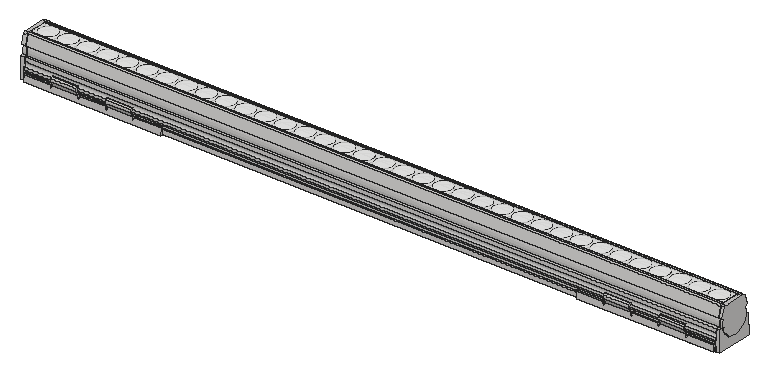
Revit family "CLighting - Luminii - Stenos - Directional Track Module - Array", category Lighting Fixtures, host Face, Revit 2020
Family settings
  Host = Face
  Round Connector Dimension = Use Diameter
  Part Type = Normal
  OmniClass Number = 23.80.70.11.14.21
  OmniClass Title = Spots and Tracklight Specialties
  Cut with Voids When Loaded = No
  Light Source = Yes
  Shared = No
  Room Calculation Point = No
Parameters (values of type "Stenos Directional Module - 12"")
  Width = 0.73047"  # constant formula
  Wattage Comments = if(Constraints = 1, "2.6 W", if(Constraints = 2, "5.4 W", "13.0 W"))  # "13.0 W"
  Wattage = 9.2903 W
  Warranty URL = "https://www.luminii.com/terms-conditions/"
  built-in parameter 1150110 = 1 (stored number, unit not read)
  Voltage Comments = "120VAC - 277VAC"  # constant formula
  Voltage = 120 V
  Version = "2020 - v1.0a"  # constant formula
  URL = "https://www.luminii.com/"
  built-in parameter 1114217 = 1 (stored number, unit not read)
  Tilt Angle = 90.00°  # constant formula
  built-in parameter 1150109 = 1 (stored number, unit not read)
  built-in parameter 1150134 = 3
  built-in parameter 1150113 = 1 (stored number, unit not read)
  Support Phone = "224-699-9545"  # constant formula
  Support Email = "mailto:support@bimsmith.com"
  Product Page URL = "https://www.luminii.com/product/stenos-directional-track-module/"
  Product Name = "Stenos Directional Module"  # constant formula
  Product Documentation Link = "https://www.luminii.com/wp-content/uploads/z_special_catalog_products/products/stenos-directional-track-module/specsheets/Stenos-Directional-Module-specification.pdf"
  Power Source Type = "Driver"  # constant formula
  Power Factor = 1
  Photometric Web File = "SD-3-30K-SO-15-WH.IES"
  Phase = 1
  Operating Temperature = "Consult Manufacturer for more Information"  # constant formula
  Number of Poles = if(and(or(Voltage = 120 V, Voltage = 277 V), Phase = 1), 1, if(and(or(Voltage = 208 V, Voltage = 240 V), Phase = 1), 2, if(and(or(Voltage = 208 V, Voltage = 240 V), Phase = 3), 3, if(and(Voltage > 300 V, Phase = 1), 2, if(and(Voltage > 400 V, Phase = 3), 3, 1)))))  # 1
  Mounting Method = "Surface Mount"  # constant formula
  Model = if(Constraints = 1, "SMD-3", if(Constraints = 3, "SMD-5", "SMD-12"))  # "SMD-5"
  Manufacturer Phone Number = "224-333-6033"  # constant formula
  Manufacturer Email = "mailto:info@luminii.com"
  Manufacturer Address = "7777 N Merrimac Ave, Niles, IL 60714"  # constant formula
  Manufacturer = "Luminii"  # constant formula
  built-in parameter 1150105 = 109.82 (stored number, unit not read)
  Lumens = 1380 lm
  built-in parameter 1150115 = 1 (stored number, unit not read)
  Lumen Output = if(Constraints = 1, "250 lm", if(Constraints = 2, "520 lm", "1260 lm"))  # "1260 lm"
  Load Classification = Lighting
  built-in parameter 1150137 = (empty or 0)
  built-in parameter 1150139 = (empty or 0)
  Lens Material = Plastic - Luminii - Frosted Lens
  Length Comments [instance] = "Perfomance based on 1\" Photometric Web File"  # constant formula
  Length = if(Constraints = 1, 2.50", if(Constraints = 2, 4.33984", 11.87109"))  # 11.87109"
  built-in parameter 1150112 = 1 (stored number, unit not read)
  built-in parameter 1150114 = 1 (stored number, unit not read)
  Lamp Life = 1
  Lamp = "LED"  # constant formula
  Keynote = "26 50 00"
  Instruction Sheet Link = "https://www.luminii.com/wp-content/uploads/z_special_catalog_products/products/stenos-directional-track-module/specsheets/Stenos-Directional-Module-specification.pdf"
  built-in parameter 1150132 = (empty or 0)
  built-in parameter 1150102 = (empty or 0)
  built-in parameter 1150107 = 3200 (stored number, unit not read)
  Initial Color Comments = "Perfomance based on 3500K Photometric Web File"  # constant formula
  built-in parameter 1150138 = (empty or 0)
  built-in parameter 1150106 = 1.0982 (stored number, unit not read)
  Housing Protection Rating = "IP20 Dry/IP66 Wet Series"  # constant formula
  Has Dimming = 1 = 1  # yes
  Has Battery Backup = 0 = 1  # no
  Frequency Comments = ""  # constant formula
  Frequency = 60 Hz
  Finish = Metal - Luminii - Silver Anodized Aluminum
  Environment = "Indoor"  # constant formula
  built-in parameter 1150127 = 0.31"  # constant formula
  Emit from Rectangle Length = Length - C End Caps Width * 2  # 11.73047"
  Emit Shape Visible in Rendering = no
  built-in parameter 1150104 = 13.8 (stored number, unit not read)
  Dimming Lamp Color Temperature Shift = <None>
  Desired Tilt [instance] = 0.00°
  Description = "Track System"  # constant formula
  Depth = 0.71875"  # constant formula
  Default Elevation = 0.00"  # constant formula
  Current Amps = 50 A
  Copyright = "©2024 Luminii"  # constant formula
  Constraints = 3
  Color Filter = 16777215
  built-in parameter 1114216 [instance] = 0  # (empty or 0)
  built-in parameter 1140040 [instance] = 1 = 1  # 1
  CCT = "3000K"
  C Tilt Angle Safe [instance] = if(Desired Tilt < -30.00°, 60.00°, if(Desired Tilt > 30.00°, 120.00°, 90.00° + Desired Tilt))  # 90.00°
  C Tilt Angle [instance] = 90.00° + Actual Tilt  # 90.00°
  C Sin [instance] = 0.28906" - 0.28906" * sin(90.00° - Actual Tilt)  # 0.00"
  C Right Support = if(Constraints = 1, 1 = 0, 1 = 1)  # yes
  C LED Number [instance] = if(Constraints = 1, 7, if(Constraints = 2, 14, 28))  # 28
  C End Caps Width = 0.07031"  # constant formula
  C Cos [instance] = 0.28906" - 0.28906" * cos(90.00° - Actual Tilt)  # 0.28906"
  Emit from Rectangle Width = 12.00"
  built-in parameter 1150133 = 10 (stored number, unit not read)
  Assembly Code = "D5020230"
  Apparent Load = 2.6 VA
  Actual Tilt [instance] = if(Desired Tilt < -30.00°, -30.00°, if(Desired Tilt > 30.00°, 30.00°, Desired Tilt))  # 0.00°
Types (3): name | Wattage Comments | Photometric Web File | Model | Lumen Output | Length | Emit from Rectangle Length | Constraints | C Right Support | C LED Number
  Stenos Directional Module - 3" | "2.6 W" | "SD-3-30K-SO-15-WH.IES" | "SMD-3" | "250 lm" | 2.50" | 2.35938" | 1 | no | 7
  Stenos Directional Module - 5" | "5.4 W" | "SD-5-30K-SO-15-WH.IES" | "SMD-12" | "520 lm" | 4.33984" | 4.19922" | 2 | yes | 14
  Stenos Directional Module - 12" | "13.0 W" | "SD-3-30K-SO-15-WH.IES" | "SMD-5" | "1260 lm" | 11.87109" | 11.73047" | 3 | yes | 28
Reference planes (in)
  plane 1 "Center (Front/Back)": y = 0
  plane 2: z = 0
  plane 3 "Center (Left/Right)": x = 0
  plane 4: x = -5.93555
  plane 5: x = 5.93555
  plane 6: y = 0.36523
  plane 7: y = -0.36523
  plane 8: z = 0.72
  plane 9: x = -5.86523
  plane 10: x = 5.86523
  plane 11: x = 5.9257
  plane 12: x = -5.9257
  plane 13: z = 0.43079
  plane 14: y = -0.00014
  plane 15: z = 0.72
  plane 16: y = -0.28921
Forms (in)
  Extrusion 1, solid, material "Metal - Luminii - Silver Anodized Aluminum", not visible
    sketch origin (0, 0, 0) x (1, 0, 0) y (0, 1, 0)
      loop
        circle (0, 0) r 0.5
    from 0 to -0.17225
  Sweep 2, solid, material "Metal - Luminii - Silver Anodized Aluminum" <- "Finish"
    path origin (0, 0, 0) x (1, 0, 0) y (0, 1, 0)
      loop
        line (-5.86523, 0) -> (5.86523, 0)
    profile origin (0, 0, 0) x (0, 1, 0) y (0, 0, 1)
      loop
        line (0.30701, 0.04724) -> (0.30428, 0.12179) -> (0.2695, 0.12179) -> (0.2695, 0.16124) -> (0.3004, 0.20315) -> (0.3004, 0.24835)
        arc (0.3004, 0.24835) -> (0.2826, 0.28303) -> (0.29705, 0.31923) r 0.04706
        line (0.29705, 0.31923) -> (0.2944, 0.39173) -> (0.24646, 0.39173)
        arc (0.24646, 0.39173) -> (0, 0.18368) -> (-0.24646, 0.39173) r 0.25
        line (-0.24646, 0.39173) -> (-0.2944, 0.39173) -> (-0.29705, 0.31923)
        arc (-0.29705, 0.31923) -> (-0.2826, 0.28303) -> (-0.3004, 0.24835) r 0.04706
        line (-0.3004, 0.24835) -> (-0.3004, 0.20315) -> (-0.2695, 0.16124) -> (-0.2695, 0.12179) -> (-0.30428, 0.12179) -> (-0.30701, 0.04724) -> (0.30701, 0.04724)
  Sweep 3, solid, material "Metal - Luminii - Silver Anodized Aluminum" <- "Finish"
    path origin (0, 0, 0) x (1, 0, 0) y (0, 1, 0)
      loop
        line (-5.86523, 0) -> (-5.9257, 0)
    profile origin (-5.89547, 0, 0) x (0, -1, 0) y (0, 0, 1)
      loop
        line (0.2944, 0.39173) -> (0.24646, 0.39173)
        arc (0.24646, 0.39173) -> (0, 0.18368) -> (-0.24646, 0.39173) r 0.25
        line (-0.24646, 0.39173) -> (-0.2944, 0.39173) -> (-0.30701, 0.04724) -> (0.30701, 0.04724) -> (0.2944, 0.39173)
  Sweep 4, solid, material "Metal - Luminii - Silver Anodized Aluminum" <- "Finish"
    path origin (0, 0, 0) x (-1, 0, 0) y (0, 1, 0)
      loop
        line (-5.86523, 0) -> (-5.9257, 0)
    profile origin (5.89547, 0, 0) x (0, 1, 0) y (0, 0, 1)
      loop
        line (0.30701, 0.04724) -> (0.2944, 0.39173) -> (0.24646, 0.39173)
        arc (0.24646, 0.39173) -> (0, 0.18368) -> (-0.24646, 0.39173) r 0.25
        line (-0.24646, 0.39173) -> (-0.2944, 0.39173) -> (-0.30701, 0.04724) -> (0.30701, 0.04724)
Lines and regions (in)
  reference lines
    curve 1: line (-0.37509, 0, 0.43079) -> (-0.37509, 0.2361, 0.43079)
    curve 2: line (0, -0.00014, 0.72) -> (0, -1.22783, 0.72)
    curve 3: line (0, -0.00014, 0.72) -> (0, -0.00014, 0.85178)
Dimensions and locks (in)
  equal spacing: plane 4, plane 3 "Center (Left/Right)", plane 5
  equal spacing: plane 6, plane 1 "Center (Front/Back)", plane 7
  "Length": plane 4 to plane 5
  "Width": plane 6 to plane 7
  "C End Caps Width": plane 10 to plane 5
  "C End Caps Width": plane 4 to plane 9
  nested 1 to plane 5 = 0.08953"
  locked: plane 5 to plane 11 at 0.00984
  locked: plane 12 to plane 4 at 0.00984
  locked: plane 5 to nested 1 at 0.08953
  locked: nested 2 to plane 4 at 0.08953
  locked: plane 13 to host face at 0.43079
  "C Cos": plane 14 to plane 16
  "C Sin": plane 8 to plane 15
  Sweep 3 to Sweep 3 to host face = 0.34449" locked, 0.04724" locked
  locked: Sweep 2 to level at 0.04724  (x2)
  locked: Sweep 3 to level at 0.04724  (x2)
  locked: Sweep 4 to level at 0.04724  (x2)
  "C Tilt Angle Safe": angle curve 1 to plane 1 "Center (Front/Back)"
  "C Tilt Angle": angle curve 2 to plane 14
  locked: curve 2 to curve 3 (angle 90.00°)
  aligned and locked: plane 2 to host face
  aligned and locked: plane 3 "Center (Left/Right)" to Extrusion 1 sketch curve
  aligned and locked: plane 1 "Center (Front/Back)" to Extrusion 1 sketch curve
  aligned and locked: plane 2 to Extrusion 1  (x2)
  aligned and locked: plane 9 to Sweep 2 sketch curve
  aligned and locked: plane 1 "Center (Front/Back)" to Sweep 2 sketch curve
  aligned and locked: plane 10 to Sweep 2 sketch curve
  aligned and locked: Sweep 3 sketch curve to plane 1 "Center (Front/Back)"
  aligned and locked: plane 9 to Sweep 3 sketch curve
  aligned and locked: plane 10 to Sweep 4 sketch curve
  aligned and locked: plane 1 "Center (Front/Back)" to Sweep 4 sketch curve
  aligned and locked: nested 1 to plane 1 "Center (Front/Back)"
  aligned and locked: plane 12 to Sweep 3 sketch curve
  aligned and locked: plane 11 to Sweep 4 sketch curve
  aligned and locked: plane 13 to curve 1
  aligned and locked: plane 5 to nested 3
  aligned and locked: plane 14 to curve 2
  aligned and locked: plane 15 to curve 2
  aligned and locked: Sweep 2 sketch curve to level
  aligned and locked: level to Sweep 3 sketch curve
  aligned and locked: Sweep 4 sketch curve to level
  aligned and locked: nested 4 to curve 3
  aligned and locked: plane 3 "Center (Left/Right)" to nested 4
  aligned and locked: imposter light to plane 13
  aligned and locked: plane 3 "Center (Left/Right)" to imposter light
Automatic sketch dimensions
  host sketch curve to host sketch curve = 96.00"  (x2)
  profile plane to Sweep 4 sketch curve = 0.2944"
  level to Sweep 4 sketch curve = 0.04724"
  profile plane to Sweep 4 sketch curve = 0.30701"
  Sweep 4 sketch curve to profile plane = 0.2944"
  Sweep 4 sketch curve to profile plane = 0.30701"
  Sweep 4 sketch curve to Sweep 4 sketch curve = 0.34449"
  Sweep 4 sketch curve to Sweep 4 sketch curve = 0.04794"  (x2)
  Sweep 4 sketch curve to profile plane = 0.00"
  Sweep 4 sketch curve to Sweep 4 sketch curve = 0.04195"
  Sweep 3 sketch curve to profile plane = 0.00"
  profile plane to Sweep 3 sketch curve = 0.24646"
  Sweep 3 sketch curve to Sweep 3 sketch curve = 0.04794"  (x2)
  level to Sweep 3 sketch curve = 0.04724"
  profile plane to Sweep 3 sketch curve = 0.30701"
  Sweep 3 sketch curve to profile plane = 0.24646"
  Sweep 3 sketch curve to profile plane = 0.30701"
  Sweep 3 sketch curve to Sweep 3 sketch curve = 0.34449"
  Sweep 3 sketch curve to Sweep 3 sketch curve = 0.04195"
  Sweep 2 sketch curve to profile plane = 0.00"
  profile plane to Sweep 2 sketch curve = 0.24646"
  Sweep 2 sketch curve to Sweep 2 sketch curve = 0.02304"
  Sweep 2 sketch curve to Sweep 2 sketch curve = 0.04794"  (x2)
  Sweep 2 sketch curve to Sweep 2 sketch curve = 0.00265"  (x2)
  Sweep 2 sketch curve to Sweep 2 sketch curve = 0.0309"  (x2)
  Sweep 2 sketch curve to Sweep 2 sketch curve = 0.03478"  (x2)
  level to Sweep 2 sketch curve = 0.04724"
  Sweep 2 sketch curve to Sweep 2 sketch curve = 0.00273"  (x2)
  Sweep 2 sketch curve to Sweep 2 sketch curve = 0.0292"
  Sweep 2 sketch curve to profile plane = 0.24646"
  level to Sweep 2 sketch curve = 0.12179"
  Sweep 2 sketch curve to profile plane = 0.2695"
  Sweep 2 sketch curve to Sweep 2 sketch curve = 0.03255"
  Sweep 2 sketch curve to Sweep 2 sketch curve = 0.07454"
  Sweep 2 sketch curve to Sweep 2 sketch curve = 0.03946"  (x2)
  Sweep 2 sketch curve to Sweep 2 sketch curve = 0.04191"  (x2)
  Sweep 2 sketch curve to Sweep 2 sketch curve = 0.0452"  (x2)
  Sweep 2 sketch curve to Sweep 2 sketch curve = 0.0369"  (x2)
  Sweep 2 sketch curve to Sweep 2 sketch curve = 0.0725"
  Sweep 2 sketch curve to Sweep 2 sketch curve = 0.04195"
  curve 1 to plane 1 "Center (Front/Back)" = 0.00"
  radius of Extrusion 1 sketch curve = 0.50"
Nested families (in)
  nested 1: "Nested - Clip" at (3.52318, 0, 0) x (0, -1, 0) z (0, 0, 1), visible <- "C Right Support", type "Default"
  nested 2: "Nested - Clip" at (-3.52318, 0, 0) x (0, -1, 0) z (0, 0, 1), type "Default"
  nested 3: "Nested - Lamp" at (-5.93555, 0, 0.43079) x (0, -1, 0) z (0, 0, -1), type "Default"
  nested 4: "Nested Light Source" at (0, -0.00014, 0.72), type "Default"
    with Length Comments "Perfomance based on 1\" Photometric Web File", Length 0.29688", built-in parameter 1114216 (empty or 0), built-in parameter 1140040 1, C Tilt Angle Safe 90.00°, C Sin 0.00", C Cos 0.28906", Wattage 9.2903 W, Lumens 1380 lm, Emit from Rectangle Length 11.73047", Emit Shape Visible in Rendering no, Apparent Load 9.2903 VA
Connectors (in)
  electrical at (0, 0, 0), driven by "Number of Poles", driven by "Load Classification", driven by "Voltage", driven by "Apparent Load", driven by "Power Factor"
    settings: on Extrusion 1, index 1, voltage 120 V, apparent load 2.6 VA, apparent load phase1 0 VA, apparent load phase2 0 VA, apparent load phase3 0 VA, power factor 1, load classification "Lighting", number of poles 1, system type 30, power factor state 1, is connector primary yes, connector utility no, sub classification motor no, connector description "Power Connection"
Definition of nested family "Nested - Clip"
  Parameters
    Finish = none
    Default Elevation = 0.00"
  Reference planes (in)
    plane 1 "Center (Front/Back)": y = 0
    plane 2: z = 0
    plane 3 "Center (Left/Right)": x = 0
  Forms (in)
    Extrusion 1, void
      sketch origin (0, 0, 0) x (0, 1, 0) y (0, 0, 1)
        loop
          line (0, 0.0374) -> (0, 0.16908) -> (-0.44488, 0.16908) -> (-0.44488, 0.12355)
          arc (-0.44488, 0.12355) -> (-0.46457, 0.10387) -> (-0.48425, 0.12355) r 0.01969
          line (-0.48425, 0.12355) -> (-0.48425, 0.28999) -> (-0.90945, 0.28999) -> (-0.90945, 0.12355)
          arc (-0.90945, 0.12355) -> (-0.92913, 0.10387) -> (-0.94882, 0.12355) r 0.01969
          line (-0.94882, 0.12355) -> (-0.94882, 0.16908) -> (-1.37402, 0.16908) -> (-1.37402, 0.12355)
          arc (-1.37402, 0.12355) -> (-1.3937, 0.10387) -> (-1.41339, 0.12355) r 0.01969
          line (-1.41339, 0.12355) -> (-1.41339, 0.28999) -> (-1.83858, 0.28999) -> (-1.83858, 0.12355)
          arc (-1.83858, 0.12355) -> (-1.85827, 0.10387) -> (-1.87795, 0.12355) r 0.01969
          line (-1.87795, 0.12355) -> (-1.87795, 0.16908) -> (-2.32283, 0.16908) -> (-2.32283, 0.0374) -> (0, 0.0374)
        loop
          line (0.17766, 0.5916) -> (-2.4694, 0.5916) -> (-2.4694, -0.1584) -> (0.17766, -0.1584) -> (0.17766, 0.5916)
      from -0.94477 to 0.67551
    Extrusion 2, solid, material <- "Finish"
      sketch origin (0, 0, 0) x (1, 0, 0) y (0, 0, 1)
        loop
          line (-0.30328, 0.30445) -> (-0.33166, 0.28999) -> (-0.355, 0.26665)
          arc (-0.355, 0.26665) -> (-0.36382, 0.24389) -> (-0.36167, 0.21958) r 0.05378
          line (-0.36167, 0.21958) -> (-0.31806, 0.14404) -> (-0.32552, 0.0374) -> (0.32552, 0.0374) -> (0.31806, 0.14404) -> (0.36167, 0.21958)
          arc (0.36167, 0.21958) -> (0.36382, 0.24389) -> (0.355, 0.26665) r 0.05378
          line (0.355, 0.26665) -> (0.33166, 0.28999) -> (0.30328, 0.30445) -> (0.34804, 0.2597)
          arc (0.34804, 0.2597) -> (0.35449, 0.2387) -> (0.34906, 0.21741) r 0.04062
          line (0.34906, 0.21741) -> (0.30803, 0.14636) -> (0.31496, 0.04724) -> (-0.31496, 0.04724) -> (-0.30803, 0.14636) -> (-0.34906, 0.21741)
          arc (-0.34906, 0.21741) -> (-0.35449, 0.2387) -> (-0.34804, 0.2597) r 0.04062
          line (-0.34804, 0.2597) -> (-0.30328, 0.30445)
      from 0 to 2.32283
    Extrusion 3, solid, material <- "Finish"
      sketch origin (-0.31945, 0, 0.0374) x (0, -1, 0) y (-1, 0, 0)
        loop
          line (1.90977, -0.54614) -> (1.90977, -0.09275) -> (1.73196, -0.09275) -> (1.73196, -0.54614) -> (1.90977, -0.54614)
      from 0 to 0.0374
    Extrusion 4, solid, material <- "Finish"
      sketch origin (-0.31945, 0, 0.0374) x (0, -1, 0) y (-1, 0, 0)
        loop
          circle (1.82087, -0.31945) r 0.03176
        loop
          circle (1.82087, -0.46648) r 0.03176
      from 0.10161 to 0.0374
  Cuts and joins
    Extrusion 1 cuts Extrusion 2
  Dimensions and locks (in)
    aligned and locked: plane 2 to level
Definition of nested family "Nested - Lamp"
  Parameters (values of type "Default")
    Number of Lenses = if(Constraint = 1, 7, if(Constraint = 2, 14, 35))  # 35
    Length = if(Constraint = 1, 2.50", if(Constraint = 2, 4.33984", 11.87109"))  # 11.87109"
    Finish = none
    Default Elevation = 48.00"
    Cover Material = none
    Constraint = 3
    Bulb Material = none
  Reference planes (in)
    plane 1 "Center (Front/Back)": y = 0
    plane 2: z = 0
    plane 3 "Center (Left/Right)": x = 0
    plane 4: y = -11.87109
    plane 5: y = -0.24787
    plane 6: y = -11.62323
    plane 7 "A": z = -0.27828
    plane 8: y = -11.81109
    plane 9: y = -0.06
  Forms (in)
    Extrusion 1, solid
      sketch origin (0, 0, 0) x (1, 0, 0) y (0, 1, 0)
        loop
          line (-48, 48) -> (-48, -48) -> (48, -48) -> (48, 48) -> (-48, 48)
      from 0 to -12
    Extrusion 2, solid, material <- "Finish"
      sketch origin (0, 0, 0) x (1, 0, 0) y (0, 0, 1)
        loop
          arc (0.22191, -0.08911) -> (0, 0.23913) -> (-0.22191, -0.08911) r 0.23913
          line (-0.22191, -0.08911) -> (-0.2612, -0.11561) -> (-0.21237, -0.2695)
          arc (-0.21237, -0.2695) -> (-0.20307, -0.28246) -> (-0.1879, -0.28741) r 0.02567
          line (-0.1879, -0.28741) -> (-0.15716, -0.28741) -> (-0.15716, -0.18024) -> (0, -0.18024) -> (0.15716, -0.18024) -> (0.15716, -0.28741) -> (0.1879, -0.28741)
          arc (0.1879, -0.28741) -> (0.20307, -0.28246) -> (0.21237, -0.2695) r 0.02567
          line (0.21237, -0.2695) -> (0.2612, -0.11561) -> (0.22191, -0.08911)
      from 0.06 to 11.81109
    Extrusion 3, solid, material <- "Cover Material"
      sketch origin (0, 0, 0) x (1, 0, 0) y (0, 1, 0)
        loop
          line (-0.15716, -0.06) -> (-0.15716, -11.81109) -> (0.15716, -11.81109) -> (0.15716, -0.06) -> (-0.15716, -0.06)
      from -0.27828 to -0.28546
    Extrusion 4, solid, material <- "Finish"
      sketch origin (0, -4.88378, 0) x (1, 0, 0) y (0, 0, -1)
        loop
          line (0.22191, 0.08911) -> (0.2612, 0.11561) -> (0.21237, 0.2695)
          arc (0.21237, 0.2695) -> (0.20307, 0.28246) -> (0.1879, 0.28741) r 0.02567
          line (0.1879, 0.28741) -> (-0.1879, 0.28741)
          arc (-0.1879, 0.28741) -> (-0.20307, 0.28246) -> (-0.21237, 0.2695) r 0.02567
          line (-0.21237, 0.2695) -> (-0.2612, 0.11561) -> (-0.22191, 0.08911)
          arc (-0.22191, 0.08911) -> (0, -0.23913) -> (0.22191, 0.08911) r 0.23913
      from -6.98731 to -6.92731
    Extrusion 5, solid, material <- "Finish"
      sketch origin (0, -2.44189, 0) x (1, 0, 0) y (0, 0, -1)
        loop
          line (0.22191, 0.08911) -> (0.2612, 0.11561) -> (0.21237, 0.2695)
          arc (0.21237, 0.2695) -> (0.20307, 0.28246) -> (0.1879, 0.28741) r 0.02567
          line (0.1879, 0.28741) -> (-0.1879, 0.28741)
          arc (-0.1879, 0.28741) -> (-0.20307, 0.28246) -> (-0.21237, 0.2695) r 0.02567
          line (-0.21237, 0.2695) -> (-0.2612, 0.11561) -> (-0.22191, 0.08911)
          arc (-0.22191, 0.08911) -> (0, -0.23913) -> (0.22191, 0.08911) r 0.23913
      from 2.38189 to 2.44189
  Dimensions and locks (in)
    equal spacing: group 1, group 3, group 4, group 5, group 6, group 7, group 8, group 9, group 10, group 11, group 12, group 13, group 14, group 15, group 16, group 17, group 18, group 19, group 20, group 21, group 22, group 23, group 24, group 25, group 26, group 27, group 28, group 29, group 30, group 31, group 32, group 33, group 34, group 35, group 2  (x2)
    equal spacing: group 2, group 35, group 34, group 33, group 32, group 31, group 30, group 29, group 28, group 27, group 26, group 25, group 24, group 23, group 22, group 21, group 20, group 19, group 18, group 17, group 16, group 15, group 14, group 13, group 12, group 11, group 10, group 9, group 8, group 7, group 6, group 5, group 4, group 3, group 1
    plane 6 to plane 8 to plane 4 = 0.18787" locked, 0.06" locked
    plane 5 to plane 9 to plane 1 "Center (Front/Back)" = 0.18787" locked, 0.06" locked
    "Length": plane 4 to plane 1 "Center (Front/Back)"
    aligned and locked: plane 2 to Extrusion 1
    aligned and locked: level to Extrusion 1
    aligned and locked: nested 1 to plane 5
    aligned and locked: plane 3 "Center (Left/Right)" to nested 1
    aligned and locked: plane 6 to nested 2
    aligned and locked: plane 9 to Extrusion 3
    aligned and locked: Extrusion 3 to plane 8
    aligned and locked: Extrusion 2 to Extrusion 3  (x2)
    aligned and locked: Extrusion 4 to plane 4
    aligned and locked: Extrusion 4 to Extrusion 2
    aligned and locked: Extrusion 5 to plane 1 "Center (Front/Back)"
    aligned and locked: Extrusion 5 to Extrusion 2
  Automatic sketch dimensions
    Extrusion 1 sketch curve to Extrusion 1 sketch curve = 96.00"  (x2)
    Extrusion 2 sketch curve to plane 3 "Center (Left/Right)" = 0.00"  (x2)
    Extrusion 2 sketch curve to level = 0.00"
    Extrusion 2 sketch curve to plane 7 "A" = 0.00913"  (x2)
    Extrusion 2 sketch curve to plane 3 "Center (Left/Right)" = 0.15716"
    plane 7 "A" to Extrusion 2 sketch curve = 0.01654"
    Extrusion 2 sketch curve to Extrusion 2 sketch curve = 0.03074"  (x2)
    plane 7 "A" to Extrusion 2 sketch curve = 0.00877"  (x2)
    Extrusion 2 sketch curve to level = 0.11561"  (x2)
    Extrusion 2 sketch curve to Extrusion 2 sketch curve = 0.10403"
    plane 3 "Center (Left/Right)" to Extrusion 2 sketch curve = 0.15716"
    Extrusion 2 sketch curve to Extrusion 2 sketch curve = 0.02447"
    Extrusion 2 sketch curve to level = 0.08911"  (x2)
    Extrusion 2 sketch curve to Extrusion 2 sketch curve = 0.06475"
    Extrusion 2 sketch curve to Extrusion 2 sketch curve = 0.03928"
    plane 7 "A" to Extrusion 2 sketch curve = 0.09804"
    Extrusion 2 sketch curve to Extrusion 2 sketch curve = 0.00"  (x2)
    Extrusion 3 sketch curve to plane 9 = 0.00"
    Extrusion 3 sketch curve to plane 8 = 0.00"
    Extrusion 3 sketch curve to plane 3 "Center (Left/Right)" = 0.15716"
    plane 3 "Center (Left/Right)" to Extrusion 3 sketch curve = 0.15716"
    Extrusion 4 sketch curve to level = 0.00"
    Extrusion 4 sketch curve to plane 3 "Center (Left/Right)" = 0.00"
    Extrusion 4 sketch curve to plane 7 "A" = 0.00913"
    Extrusion 4 sketch curve to plane 3 "Center (Left/Right)" = 0.1879"
    plane 7 "A" to Extrusion 4 sketch curve = 0.00877"  (x2)
    Extrusion 4 sketch curve to Extrusion 4 sketch curve = 0.02447"  (x2)
    Extrusion 4 sketch curve to level = 0.11561"  (x2)
    Extrusion 4 sketch curve to Extrusion 4 sketch curve = 0.04882"
    plane 3 "Center (Left/Right)" to Extrusion 4 sketch curve = 0.1879"
    Extrusion 4 sketch curve to level = 0.08911"  (x2)
    Extrusion 4 sketch curve to Extrusion 4 sketch curve = 0.03401"
    Extrusion 4 sketch curve to Extrusion 4 sketch curve = 0.03928"
    Extrusion 4 sketch curve to Extrusion 4 sketch curve = 0.00"
    Extrusion 5 sketch curve to level = 0.00"
    Extrusion 5 sketch curve to plane 3 "Center (Left/Right)" = 0.00"
    Extrusion 5 sketch curve to plane 7 "A" = 0.00913"
    Extrusion 5 sketch curve to plane 3 "Center (Left/Right)" = 0.1879"
    plane 7 "A" to Extrusion 5 sketch curve = 0.00877"  (x2)
    Extrusion 5 sketch curve to Extrusion 5 sketch curve = 0.02447"  (x2)
    Extrusion 5 sketch curve to level = 0.11561"  (x2)
    Extrusion 5 sketch curve to Extrusion 5 sketch curve = 0.04882"
    plane 3 "Center (Left/Right)" to Extrusion 5 sketch curve = 0.1879"
    Extrusion 5 sketch curve to level = 0.08911"  (x2)
    Extrusion 5 sketch curve to Extrusion 5 sketch curve = 0.03401"
    Extrusion 5 sketch curve to Extrusion 5 sketch curve = 0.03928"
    Extrusion 5 sketch curve to Extrusion 5 sketch curve = 0.00"
  Nested families (in)
    nested 1: "Family2" at (0, -0.24787, -0.27828), type "Family2"
    nested 2: "Family2" at (0, -11.62323, -0.27828), type "Family2"
    nested 3: "Family2" at (0, -0.58244, -0.27828), type "Family2"
    nested 4: "Family2" at (0, -0.91701, -0.27828), type "Family2"
    nested 5: "Family2" at (0, -1.25158, -0.27828), type "Family2"
    nested 6: "Family2" at (0, -1.58615, -0.27828), type "Family2"
    nested 7: "Family2" at (0, -1.92071, -0.27828), type "Family2"
    nested 8: "Family2" at (0, -2.25528, -0.27828), type "Family2"
    nested 9: "Family2" at (0, -2.58985, -0.27828), type "Family2"
    nested 10: "Family2" at (0, -2.92442, -0.27828), type "Family2"
    nested 11: "Family2" at (0, -3.25899, -0.27828), type "Family2"
    nested 12: "Family2" at (0, -3.59356, -0.27828), type "Family2"
    nested 13: "Family2" at (0, -3.92813, -0.27828), type "Family2"
    nested 14: "Family2" at (0, -4.2627, -0.27828), type "Family2"
    nested 15: "Family2" at (0, -4.59727, -0.27828), type "Family2"
    nested 16: "Family2" at (0, -4.93184, -0.27828), type "Family2"
    nested 17: "Family2" at (0, -5.26641, -0.27828), type "Family2"
    nested 18: "Family2" at (0, -5.60098, -0.27828), type "Family2"
    nested 19: "Family2" at (0, -5.93555, -0.27828), type "Family2"
    nested 20: "Family2" at (0, -6.27012, -0.27828), type "Family2"
    nested 21: "Family2" at (0, -6.60469, -0.27828), type "Family2"
    nested 22: "Family2" at (0, -6.93925, -0.27828), type "Family2"
    nested 23: "Family2" at (0, -7.27382, -0.27828), type "Family2"
    nested 24: "Family2" at (0, -7.60839, -0.27828), type "Family2"
    nested 25: "Family2" at (0, -7.94296, -0.27828), type "Family2"
    nested 26: "Family2" at (0, -8.27753, -0.27828), type "Family2"
    nested 27: "Family2" at (0, -8.6121, -0.27828), type "Family2"
    nested 28: "Family2" at (0, -8.94667, -0.27828), type "Family2"
    nested 29: "Family2" at (0, -9.28124, -0.27828), type "Family2"
    nested 30: "Family2" at (0, -9.61581, -0.27828), type "Family2"
    nested 31: "Family2" at (0, -9.95038, -0.27828), type "Family2"
    nested 32: "Family2" at (0, -10.28495, -0.27828), type "Family2"
    nested 33: "Family2" at (0, -10.61952, -0.27828), type "Family2"
    nested 34: "Family2" at (0, -10.95409, -0.27828), type "Family2"
    nested 35: "Family2" at (0, -11.28866, -0.27828), type "Family2"
  Definition of nested family "Family2"
    Parameters
      Material = none
      Default Elevation = 48.00"
    Reference planes (in)
      plane 1 "Center (Front/Back)": y = 0
      plane 2: z = 0
      plane 3 "Center (Left/Right)": x = 0
    Forms (in)
      Extrusion 1, solid, material <- "Material"
        sketch origin (0, 0.24787, 0) x (1, 0, 0) y (0, 1, 0)
          loop
            circle (0, -0.24787) r 0.14756
        from 0 to 0.05078
    Dimensions and locks (in)
      aligned and locked: plane 2 to level
Definition of nested family "Nested Light Source"
  Parameters (values of type "Default")
    Width = 0.73"  # constant formula
    Wattage Comments = if(Constraint = 1, "2.6 W", if(Constraint = 2, "5.4 W", "13.0 W"))  # "2.6 W"
    Wattage = 2.6 W
    Warranty URL = "https://www.luminii.com/terms-conditions/"
    built-in parameter 1150110 = 1 (stored number, unit not read)
    Voltage Comments = "120VAC - 277VAC"  # constant formula
    Voltage = 120 V
    Version = "2020 - v1.0a"  # constant formula
    URL = "https://www.luminii.com/"
    built-in parameter 1114217 = 1 (stored number, unit not read)
    Tilt Angle = -90.00°  # constant formula
    built-in parameter 1150109 = 1 (stored number, unit not read)
    built-in parameter 1150134 = (empty or 0)
    built-in parameter 1150113 = 1 (stored number, unit not read)
    Support Phone = "224-699-9545"  # constant formula
    Support Email = "mailto:support@bimsmith.com"
    Product Page URL = "https://www.luminii.com/product/stenos-directional-track-module/"
    Product Name = "Stenos Directional Module"  # constant formula
    Product Documentation Link = "https://www.luminii.com/wp-content/uploads/z_special_catalog_products/products/stenos-directional-track-module/specsheets/Stenos-Directional-Module-specification.pdf"
    Power Source Type = "Driver"  # constant formula
    Power Factor = 1
    Photometric Web File = "SD-3-30K-SO-15-WH.IES"
    Phase = 1
    Operating Temperature = "Consult Manufacturer for more Information"  # constant formula
    Number of Poles = if(and(or(Voltage = 120 V, Voltage = 277 V), Phase = 1), 1, if(and(or(Voltage = 208 V, Voltage = 240 V), Phase = 1), 2, if(and(or(Voltage = 208 V, Voltage = 240 V), Phase = 3), 3, if(and(Voltage > 300 V, Phase = 1), 2, if(and(Voltage > 400 V, Phase = 3), 3, 1)))))  # 1
    Mounting Method = "Surface Mount"  # constant formula
    Model = "SMD-3"
    Manufacturer Phone Number = "224-333-6033"  # constant formula
    Manufacturer Email = "mailto:info@luminii.com"
    Manufacturer Address = "7777 N Merrimac Ave, Niles, IL 60714"  # constant formula
    Manufacturer = "Luminii"  # constant formula
    built-in parameter 1150105 = 19.863 (stored number, unit not read)
    Lumens = 249.6 lm
    built-in parameter 1150115 = 1 (stored number, unit not read)
    Lumen Output = if(Constraint = 1, "250 lm", if(Constraint = 2, "520 lm", "1260 lm"))  # "250 lm"
    Load Classification = none
    built-in parameter 1150137 = (empty or 0)
    built-in parameter 1150139 = (empty or 0)
    Lens Material = none
    Length Comments [instance] = "Perfomance based on 1\" Photometric Web File"  # constant formula
    Length [instance] = 0.29688"  # constant formula
    built-in parameter 1150112 = 1 (stored number, unit not read)
    built-in parameter 1150114 = 1 (stored number, unit not read)
    Lamp Life = 1
    Lamp = "LED"  # constant formula
    Keynote = "26 50 00"
    Instruction Sheet Link = "https://www.luminii.com/wp-content/uploads/z_special_catalog_products/products/stenos-directional-track-module/specsheets/Stenos-Directional-Module-specification.pdf"
    built-in parameter 1150132 = (empty or 0)
    built-in parameter 1150102 = (empty or 0)
    built-in parameter 1150107 = 3000 (stored number, unit not read)
    Initial Color Comments = "Perfomance based on 3500K Photometric Web File"  # constant formula
    built-in parameter 1150138 = (empty or 0)
    built-in parameter 1150106 = 0.19863 (stored number, unit not read)
    Housing Protection Rating = "IP20 Dry/IP66 Wet Series"  # constant formula
    Has Dimming = 1 = 1  # yes
    Has Battery Backup = 0 = 1  # no
    Frequency Comments = ""  # constant formula
    Frequency = 60 Hz
    Finish = none
    Environment = "Indoor"  # constant formula
    Emit from Rectangle Width = 0.3125"
    Emit from Rectangle Length = 0.29688"
    Emit Shape Visible in Rendering = yes
    built-in parameter 1150104 = 8.9187 (stored number, unit not read)
    Dimming Lamp Color Temperature Shift = (empty or 0)
    Desired Tilt = 0.00°
    Description = "Track System"  # constant formula
    Depth = 0.71875"  # constant formula
    Default Elevation = 0.00"  # constant formula
    Current Amps = 50 A
    Copyright = "©2023 Luminii"  # constant formula
    Color Filter = 16777215
    built-in parameter 1114216 [instance] = 0  # (empty or 0)
    built-in parameter 1140040 [instance] = 1 = 1  # 1
    CCT = "3000K"
    C Tilt Angle Safe [instance] = if(Desired Tilt < -30.00°, 60.00°, if(Desired Tilt > 30.00°, 120.00°, 90.00° + Desired Tilt))  # 90.00°
    Constraint = 1
    C Tilt Angle Formula = if(Desired Tilt < -30.00°, -30.00°, if(Desired Tilt > 30.00°, 30.00°, Desired Tilt))  # 0.00°
    C Sin [instance] = 0.28906" - 0.28906" * sin(90.00° - C Tilt Angle Formula)  # 0.00"
    C Right Support = if(Constraint = 1, 1 = 0, 1 = 1)  # no
    C End Caps Width = 0.07031"  # constant formula
    C Cos [instance] = 0.28906" - 0.28906" * cos(90.00° - C Tilt Angle Formula)  # 0.28906"
    built-in parameter 1114218 = 1 (stored number, unit not read)
    built-in parameter 1150133 = 10 (stored number, unit not read)
    Assembly Code = "D5020230"
    Apparent Load = Wattage / Power Factor  # 2.6 VA
  Reference planes (in)
    plane 1 "Center (Front/Back)": y = 0
    plane 2: z = 0
    plane 3 "Center (Left/Right)": x = 0
    plane 4: x = -0.14844
    plane 5: x = 0.14844
    plane 6: y = 0.36523
    plane 7: y = -0.36523
    plane 8: z = 0
    plane 9: y = -0.00014
    plane 10: z = 0
  Forms (in)
    Extrusion 1, solid
      sketch origin (0, 0, 0) x (1, 0, 0) y (0, 1, 0)
        loop
          line (-48, 48) -> (-48, -48) -> (48, -48) -> (48, 48) -> (-48, 48)
      from 0 to -12
    Extrusion 2, solid, not visible
      sketch origin (0, 0, 0) x (1, 0, 0) y (0, 1, 0)
        loop
          circle (0, 0) r 0.5
      from 0 to -0.17225
  Dimensions and locks (in)
    equal spacing: plane 4, plane 3 "Center (Left/Right)", plane 5
    equal spacing: plane 6, plane 1 "Center (Front/Back)", plane 7
    "Length": plane 4 to plane 5
    plane 6 to plane 7 = 0.73047"
    aligned and locked: plane 2 to Extrusion 1
    aligned and locked: plane 3 "Center (Left/Right)" to Extrusion 2 sketch curve
    aligned and locked: plane 1 "Center (Front/Back)" to Extrusion 2 sketch curve
    aligned and locked: plane 2 to Extrusion 2  (x2)
    aligned and locked: imposter light to plane 3 "Center (Left/Right)"
    aligned and locked: imposter light to plane 10
    aligned and locked: imposter light to plane 9
  Automatic sketch dimensions
    Extrusion 1 sketch curve to Extrusion 1 sketch curve = 96.00"  (x2)
    radius of Extrusion 2 sketch curve = 0.50"
  Connectors (in)
    electrical at (0, 0, 0), driven by "Number of Poles", driven by "Load Classification", driven by "Voltage", driven by "Apparent Load", driven by "Power Factor"
      settings: on Extrusion 2, index 1, voltage 120 V, apparent load 2.6 VA, apparent load phase1 0 VA, apparent load phase2 0 VA, apparent load phase3 0 VA, power factor 1, load classification none, number of poles 1, system type 30, power factor state 1, is connector primary yes, connector utility no, sub classification motor no, connector description "Power Connection"
